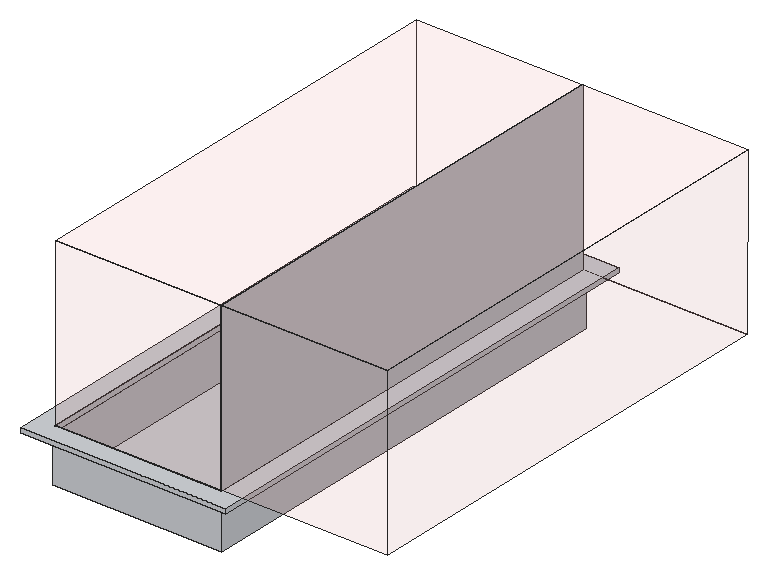
Revit family "Hager-VOLTA-Hollow_wall-IP30-With_Cover-With_DIN-Hosted-PL-en", category Electrical Equipment, host Face, Revit 2023
Family settings
  Host = Face
  Panel Configuration = Two Columns, Circuits Across
  Round Connector Dimension = Use Diameter
  Part Type = Panelboard
  Cut with Voids When Loaded = No
  Maintain Annotation Orientation = Yes
  Shared = No
  Room Calculation Point = No
Parameters (values of type "VOLTA-Hollow_wall_W348_H880_D98_0_Modular_Spacing-VH60NWP")
  Width Control [instance] = if([HG000006-Flush mounted], if([EF000846 - Built-in width] > min_whd, [EF000846 - Built-in width], min_whd), if([EF000008 - Width] > min_whd, ([EF000008 - Width]), min_whd))  # 314.5 mm
  Void Depth [instance] = if([HG000006-Flush mounted], Depth Control, 1 mm)  # 89 mm
  Uniformat code = "D501001"
  Uniformat = "Low Tension Service & Dist."
  HG000131 - Functional label [instance] = ""
  HG000130 - Functional name [instance] = ""
  HG000099-Onfly Template ID = "507532"
  Type Comments = ""
  System Height [instance] = Height Control - 2 * [HG000005-Thickness]  # 841 mm
  Reference description = ""
  Reference = "VOLTA-Hollow_wall_W348_H880_D98_0_Modular_Spacing-VH60NWP"
  Object type = ""
  Name hager = "ADD_Enclosures_EC000214"
  Name BIM&CO = "Electricity"
  Name = "VOLTA-Hollow_wall-IP30-With_Cover-With_DIN-PL"
  Model = ""
  HGEF002950-Width in number of modular spacings = 0
  HGEF000266-Number of rows = 0
  HG000060-RAL-number = "9010"
  HG000059-Operating voltage [instance] = 230 V
  HG000017-Distance between poles = 18 mm
  HG000016-Door 3D visibility = yes
  HG000015-Clearance visibility = yes
  HG000014-Door on the right = yes
  HG000013-Door on the left = not([HG000014-Door on the right])  # no
  HG000012-Door swing angle = 90.00°
  HG000011-Empty rows from bottom = no
  HG000010-Asymmetric doors = no
  HG000009-Double swing door = no
  HG000008-Number of empty rows = 0
  HG000007-Number of empty columns = 0
  HG000006-Flush mounted = yes
  HG000005-Thickness = 2 mm
  HG000004-Manufacturer reference = "VH60NWP"
  HG000003-Range = "VOLTA"
  HG000002-With door or cover = yes
  HG000001-Number of columns = 0
  GTIN (Global Trade Item Number) = ""
  ETIM class name = "Small distribution board"
  ETIM class code = "EC000214"
  EF015941 - Signal passing door = no
  EF015777 - Neutral terminal block = no
  EF015776 - Earthing terminal block = no
  EF009212 - Cover model = ""
  EF006306 - With lock = no
  EF006244 - Transparent cover/door = no
  EF005474 - Degree of protection (IP) = "IP30"
  EF004464 - Type of door = ""
  EF004462 - Type of closure = ""
  EF002950 - Width in number of modular spacings = 0
  EF001596 - Housing material = ""
  EF001134 - DIN-rail = yes
  EF001131 - Inner depth = 0 mm
  EF001088 - Extension possible = no
  EF001062 - EMC-version = no
  EF000846 - Built-in width = 314.5 mm
  EF000339 - Type of covering = ""
  EF000332 - Built-in height = 845 mm
  EF000266 - Number of rows = 0
  EF000218 - Built-in depth = 89 mm
  EF000118 - With mounting plate = no
  EF000116 - RAL-number = 9010
  EF000049 - Depth = 98 mm
  EF000040 - Height = 880 mm
  EF000024 - UV resistant = no
  EF000008 - Width = 348 mm
  EF000007 - Colour = ""
  EF000003 - Mounting method = "Hollow wall"
  Creation Date = "12/15/2025 21:47:12"
  Code hager = "ADD-EC000214_EU"
  BIM&CO code = ""
  BC_VARIANT_ID = "1174424"
  BC_OBJECT_VERSION = "#5"  # constant formula
  BC_OBJECT_ID = "513499"  # constant formula
  BC_MODEL_ID = "1547222"  # constant formula
  Arrow Offset [instance] = Depth Control / 8  # 11.125 mm
  Arrow Height [instance] = Depth Control - Arrow Offset  # 77.875 mm
  Host Offset [instance] = if([HG000006-Flush mounted], 0 mm, [EF000049 - Depth])  # 0 mm
  min_whd [instance] = (2 * [HG000005-Thickness]) + 1 mm  # 5 mm
  Manufacturer = "Hager"  # constant formula
  Height Control [instance] = if([HG000006-Flush mounted], if([EF000332 - Built-in height] > min_whd, [EF000332 - Built-in height], min_whd), if([EF000040 - Height] > min_whd, ([EF000040 - Height]), min_whd))  # 845 mm
  Flush Mounted - Door Frame Width [instance] = if(([EF000040 - Height] - [EF000332 - Built-in height]) > 0 mm, if([HG000006-Flush mounted], [EF000040 - Height] - [EF000332 - Built-in height], 0 mm), 0 mm)  # 35 mm
  Depth Control [instance] = if([HG000006-Flush mounted], if([EF000218 - Built-in depth] > 0 mm, [EF000218 - Built-in depth], 1 mm), if([EF000049 - Depth] > 0 mm, ([EF000049 - Depth]), 1 mm))  # 89 mm
  Default Elevation = 0 mm
Types (14, lengths in mm): name | Width Control | Void Depth | System Height | Reference | HGEF002950-Width in number of modular spacings | HGEF000266-Number of rows | HG000004-Manufacturer reference | HG000001-Number of columns | EF015777 - Neutral terminal block | EF015776 - Earthing terminal block | EF009212 - Cover model | EF004462 - Type of closure | EF002950 - Width in number of modular spacings | EF001088 - Extension possible | EF000846 - Built-in width | EF000332 - Built-in height | EF000266 - Number of rows | EF000218 - Built-in depth | EF000118 - With mounting plate | EF000049 - Depth | EF000040 - Height | EF000007 - Colour | BC_VARIANT_ID | Arrow Offset | Arrow Height | Height Control | Flush Mounted - Door Frame Width | Depth Control
  VOLTA-Hollow_wall_W348_H356_D98_12_Modular_Spacing-VH12AT | 314.5 | 89 | 317 | "VOLTA-Hollow_wall_W348_H356_D98_12_Modular_Spacing-VH12AT" | 12 | 1 | "VH12AT" | 1 | yes | yes | "With notch" | "Other" | 12 | yes | 314.5 | 321 | 1 | 89 | no | 98 | 356 | "White" | "1174410" | 11.125 | 77.875 | 321 | 35 | 89
  VOLTA-Hollow_wall_W348_H356_D98_12_Modular_Spacing-VH12NE | 314.5 | 89 | 317 | "VOLTA-Hollow_wall_W348_H356_D98_12_Modular_Spacing-VH12NE" | 12 | 1 | "VH12NE" | 1 | no | yes | "With notch" | "Other" | 12 | yes | 314.5 | 321 | 1 | 89 | no | 98 | 356 | "White" | "1174412" | 11.125 | 77.875 | 321 | 35 | 89
  VOLTA-Hollow_wall_W348_H505_D98_12_Modular_Spacing-VH24AT | 314.5 | 89 | 466 | "VOLTA-Hollow_wall_W348_H505_D98_12_Modular_Spacing-VH24AT" | 12 | 2 | "VH24AT" | 1 | yes | yes | "With notch" | "Other" | 12 | yes | 314.5 | 470 | 2 | 89 | no | 98 | 505 | "White" | "1174413" | 11.125 | 77.875 | 470 | 35 | 89
  VOLTA-Hollow_wall_W348_H505_D98_12_Modular_Spacing-VH24NE | 314.5 | 89 | 466 | "VOLTA-Hollow_wall_W348_H505_D98_12_Modular_Spacing-VH24NE" | 12 | 2 | "VH24NE" | 1 | no | yes | "With notch" | "Other" | 12 | yes | 314.5 | 470 | 2 | 89 | no | 98 | 505 | "White" | "1174414" | 11.125 | 77.875 | 470 | 35 | 89
  VOLTA-Hollow_wall_W348_H505_D98_12_Modular_Spacing-VH24NWB | 314.5 | 89 | 466 | "VOLTA-Hollow_wall_W348_H505_D98_12_Modular_Spacing-VH24NWB" | 12 | 0 | "VH24NWB" | 0 | no | no | "With notch" | "Other" | 12 | yes | 314.5 | 470 | 0 | 89 | yes | 98 | 505 | "White" | "1174415" | 11.125 | 77.875 | 470 | 35 | 89
  VOLTA-Hollow_wall_W348_H630_D98_12_Modular_Spacing-VH36AT | 314.5 | 89 | 591 | "VOLTA-Hollow_wall_W348_H630_D98_12_Modular_Spacing-VH36AT" | 12 | 3 | "VH36AT" | 1 | yes | yes | "With notch" | "Other" | 12 | yes | 314.5 | 595 | 3 | 89 | no | 98 | 630 | "White" | "1174416" | 11.125 | 77.875 | 595 | 35 | 89
  VOLTA-Hollow_wall_W348_H630_D98_12_Modular_Spacing-VH36NE | 314.5 | 89 | 591 | "VOLTA-Hollow_wall_W348_H630_D98_12_Modular_Spacing-VH36NE" | 12 | 3 | "VH36NE" | 1 | no | yes | "With notch" | "Other" | 12 | yes | 314.5 | 595 | 3 | 89 | no | 98 | 630 | "White" | "1174417" | 11.125 | 77.875 | 595 | 35 | 89
  VOLTA-Hollow_wall_W348_H630_D98_12_Modular_Spacing-VH36NWB | 314.5 | 89 | 591 | "VOLTA-Hollow_wall_W348_H630_D98_12_Modular_Spacing-VH36NWB" | 12 | 0 | "VH36NWB" | 0 | no | no | "With notch" | "Other" | 12 | yes | 314.5 | 595 | 0 | 89 | yes | 98 | 630 | "White" | "1174418" | 11.125 | 77.875 | 595 | 35 | 89
  VOLTA-Hollow_wall_W348_H755_D98_12_Modular_Spacing-VH48AT | 314.5 | 89 | 716 | "VOLTA-Hollow_wall_W348_H755_D98_12_Modular_Spacing-VH48AT" | 12 | 4 | "VH48AT" | 1 | yes | yes | "With notch" | "Other" | 12 | yes | 314.5 | 720 | 4 | 89 | no | 98 | 755 | "White" | "1174419" | 11.125 | 77.875 | 720 | 35 | 89
  VOLTA-Hollow_wall_W348_H755_D98_12_Modular_Spacing-VH48NE | 314.5 | 89 | 716 | "VOLTA-Hollow_wall_W348_H755_D98_12_Modular_Spacing-VH48NE" | 12 | 4 | "VH48NE" | 1 | no | yes | "With notch" | "Other" | 12 | yes | 314.5 | 720 | 4 | 89 | no | 98 | 755 | "White" | "1174420" | 11.125 | 77.875 | 720 | 35 | 89
  VOLTA-Hollow_wall_W348_H755_D98_12_Modular_Spacing-VH48NWB | 314.5 | 89 | 716 | "VOLTA-Hollow_wall_W348_H755_D98_12_Modular_Spacing-VH48NWB" | 12 | 0 | "VH48NWB" | 0 | no | no | "With notch" | "Other" | 12 | yes | 314.5 | 720 | 0 | 89 | yes | 98 | 755 | "White" | "1174421" | 11.125 | 77.875 | 720 | 35 | 89
  VOLTA-Hollow_wall_W348_H880_D98_12_Modular_Spacing-VH60NC | 314.5 | 89 | 842 | "VOLTA-Hollow_wall_W348_H880_D98_12_Modular_Spacing-VH60NC" | 12 | 5 | "VH60NC" | 1 | no | no | "" | "" | 12 | no | 314.5 | 846 | 5 | 89 | no | 98 | 880 | "" | "1174422" | 11.125 | 77.875 | 846 | 34 | 89
  VOLTA-Hollow_wall_W348_H880_D94_12_Modular_Spacing-VH60NE | 314 | 90 | 842 | "VOLTA-Hollow_wall_W348_H880_D94_12_Modular_Spacing-VH60NE" | 12 | 5 | "VH60NE" | 1 | no | yes | "With notch" | "Other" | 12 | yes | 314 | 846 | 5 | 90 | no | 94 | 880 | "White" | "1174423" | 11.25 | 78.75 | 846 | 34 | 90
  VOLTA-Hollow_wall_W348_H880_D98_0_Modular_Spacing-VH60NWP | 314.5 | 89 | 841 | "VOLTA-Hollow_wall_W348_H880_D98_0_Modular_Spacing-VH60NWP" | 0 | 0 | "VH60NWP" | 0 | no | no | "" | "" | 0 | no | 314.5 | 845 | 0 | 89 | no | 98 | 880 | "" | "1174424" | 11.125 | 77.875 | 845 | 35 | 89
Reference planes
  plane 1 "Center (Front/Back)": y = 0
  plane 2: z = 0
  plane 3 "Center (Left/Right)": x = 0
  plane 4: z = 0
  plane 5: y = 37
  plane 6: z = -5
  plane 7: y = 457.5
  plane 8: y = 35
  plane 9: y = 880
  plane 10: z = -89
  plane 11: x = -157.25
  plane 12: x = 157.25
  plane 13: x = 155.25
  plane 14: x = -155.25
  plane 15: y = 878
  plane 16: z = -87
  plane 17: z = -2
  plane 18: z = -89
  plane 19: z = -2
  plane 20 "Annotation H": y = -100
  plane 21 "Annotation V": x = 457.25
Forms (mm)
  Extrusion 1, solid
    sketch origin (-583.045, 35, 1219.2) x (-1, 0, 0) y (0, 0, 1)
      loop
        line (-425.795, -1219.2) -> (-740.295, -1219.2) -> (-740.295, -1308.2) -> (-425.795, -1308.2) -> (-425.795, -1219.2)
    from 0 to 845 <- "Height Control"
  Extrusion 2, void
    sketch origin (-381.607, -4572, 0) x (0, -1, 0) y (-1, 0, 0)
      loop
        line (-5450, -226.357) -> (-5450, -536.857) -> (-4609, -536.857) -> (-4609, -226.357) -> (-5450, -226.357)
    from 0 to 87
  Extrusion 3, void
    sketch origin (0, 0, 0) x (1, 0, 0) y (0, 1, 0)
      loop
        line (-157.25, 35) -> (157.25, 35) -> (157.25, 880) -> (-157.25, 880) -> (-157.25, 35)
    from -89 to 1
  Extrusion 4, solid, detail levels coarse+medium
    sketch origin (-381.607, -4572, 0) x (-1, 0, 0) y (0, -1, 0)
      loop
        line (-226.357, -5450) -> (-226.357, -4609) -> (-536.857, -4609) -> (-536.857, -5450) -> (-226.357, -5450)
    from 0 to -2
Cuts and joins
  Extrusion 2 cuts Extrusion 1
Dimensions and locks
  plane 4 to plane 6 = 5 mm
  "Host Offset": plane 4 to host face
  "Flush Mounted - Door Frame Width": plane 1 "Center (Front/Back)" to plane 8
  "HG000005-Thickness": plane 5 to plane 8
  locked: connector elem to plane 3 "Center (Left/Right)"
  "Height Control": plane 9 to plane 8
  equal spacing: plane 9, plane 7, plane 8
  locked: connector elem to plane 7
  "Depth Control": plane 4 to plane 10
  "HG000005-Thickness": plane 11 to plane 14
  "HG000005-Thickness": plane 12 to plane 13
  equal spacing: plane 11, plane 3 "Center (Left/Right)", plane 12
  "Width Control": plane 11 to plane 12
  "Arrow Offset": nested 4 to plane 10
  "HG000005-Thickness": plane 9 to plane 15
  "HG000005-Thickness": plane 16 to plane 10
  "HG000005-Thickness": plane 4 to plane 17
  "Void Depth": plane 2 to plane 18
  "HG000005-Thickness": plane 4 to plane 19
  locked: plane 20 "Annotation H" to plane 1 "Center (Front/Back)" at 100
  locked: plane 12 to plane 21 "Annotation V" at 300
  aligned and locked: plane 2 to host face
  aligned and locked: level to host face
  aligned and locked: plane 3 "Center (Left/Right)" to nested 2
  aligned and locked: plane 4 to nested 2
  aligned and locked: nested 2 to plane 8
  aligned and locked: nested 1 to plane 6
  aligned and locked: plane 5 to nested 1
  aligned and locked: nested 4 to plane 11
  aligned and locked: nested 3 to plane 4
  aligned and locked: Extrusion 1 sketch curve to plane 12
  aligned and locked: Extrusion 1 sketch curve to plane 11
  aligned and locked: nested 3 to plane 10
  aligned and locked: plane 10 to Extrusion 1 sketch curve
  aligned and locked: plane 5 to Extrusion 2 sketch curve
  aligned and locked: Extrusion 2 sketch curve to plane 15
  aligned and locked: Extrusion 2 sketch curve to plane 14
  aligned and locked: Extrusion 2 sketch curve to plane 13
  aligned and locked: plane 11 to Extrusion 3 sketch curve
  aligned and locked: plane 9 to Extrusion 3 sketch curve
  aligned and locked: Extrusion 3 sketch curve to plane 8
  aligned and locked: plane 12 to Extrusion 3 sketch curve
  aligned and locked: nested 3 to plane 12
  aligned and locked: Extrusion 3 to plane 18
  aligned and locked: Extrusion 2 to plane 16
  aligned and locked: Extrusion 1 sketch curve to plane 4
  aligned and locked: Extrusion 4 to plane 17
  aligned and locked: Extrusion 4 sketch curve to plane 15
  aligned and locked: Extrusion 4 sketch curve to plane 13
  aligned and locked: Extrusion 4 sketch curve to plane 14
  aligned and locked: plane 5 to Extrusion 4 sketch curve
  aligned and locked: nested 5 to plane 21 "Annotation V"
  aligned and locked: plane 20 "Annotation H" to nested 5
Automatic sketch dimensions
  host sketch curve to host sketch curve = 1469.727 mm
  host sketch curve to host sketch curve = 1434.803 mm
Nested families
  nested 1: "Hager_Enclosure_System" at (0, 37, -5) x (1, 0, 0) z (0, 1, 0), Depth <- "HG000005-Thickness", Height <- "System Height", Border <- "HG000005-Thickness", Flush_Mounted <- "HG000006-Flush mounted", Row_Module_Multiplicator <- "HGEF002950-Width in number of modular spacings", Total_No_Empty_Rows <- "HG000008-Number of empty rows", Total_No_Rows <- "HGEF000266-Number of rows", Empty_Columns <- "HG000007-Number of empty columns", Width_Control <- "Width Control", Empty_Rows_From_Bottom <- "HG000011-Empty rows from bottom", Distance_Between_Poles <- "HG000017-Distance between poles", Rows_Count <- "HGEF000266-Number of rows", Columns_Count <- "HG000001-Number of columns", Built-in_Width <- "EF000846 - Built-in width", Width <- "EF000008 - Width", type "Hager_Enclosure_System", detail levels fine
    with Width_Control 314.5 mm, Width 348 mm, Total_No_Rows 0, Total_No_Empty_Rows 0, Total_No_Columns 1, System_Width 310.5 mm, Rows_Count 0, Rows_Column 0, Row_Module_Multiplicator 0, Panel_4 no, Panel_3 no, Panel_2 no, Panel_1 no, No_Panels_Ctrl 1, Hide_Columns yes, Height 841 mm, Flush_Mounted yes, Empty_Rows_From_Bottom no, Empty_Rows_Column 0, Empty_Columns 0, Empty column 4 0, Empty column 3 0, Empty column 2 0, Empty column 1 0, Distance_Between_Poles 18 mm, Depth 2 mm, Columns_Count 0, Column_Width 310.5 mm, Built-in_Width 314.5 mm, Border 2 mm
  nested 2: "Hager_Enclosure_Door" at (0, 35, 0) x (1, 0, 0) z (0, 1, 0), Border <- "HG000005-Thickness", Door_Right <- "HG000014-Door on the right", Flush_Mounted <- "HG000006-Flush mounted", Door_Left <- "HG000013-Door on the left", 3d_Door <- "HG000016-Door 3D visibility", Angle <- "HG000012-Door swing angle", Assymetrical <- "HG000010-Asymmetric doors", Double <- "HG000009-Double swing door", Clearance <- "HG000015-Clearance visibility", Door <- "HG000002-With door or cover", Height_Ctrl <- "Height Control", Width_Ctrl <- "Width Control", BuiltIn_Depth <- "EF000218 - Built-in depth", Depth <- "EF000049 - Depth", BuiltIn_Width <- "EF000846 - Built-in width", Height <- "EF000040 - Height", BuiltIn_Height <- "EF000332 - Built-in height", Width <- "EF000008 - Width", Transparent <- "EF006244 - Transparent cover/door", type "Hager_Enclosure_Door", detail levels medium+fine
    with min_wh 5 mm, Width_Ctrl 314.5 mm, Width 348 mm, Transparent_Door_No_Bottom_Border no, Transparent no, Leaf_Width 307.5 mm, Leaf_Tolerance 1.5 mm, Leaf_Height 838 mm, Leaf_2_Width 307.5 mm, Leaf_2_Offset 153.75 mm, Leaf_1_Width 307.5 mm, Leaf_1_Offset 153.75 mm, Height_Ctrl 845 mm, Height 880 mm, Frame_Width_Ctrl 33.5 mm, Frame_Width 33.5 mm, Frame_Internal_Offset 2 mm, Frame_Height_Ctrl 35 mm, Frame_Height 35 mm, Frame_Depth_Ctrl 9 mm, Frame_Depth 9 mm, Flush_Mounted yes, Double_Clearance_Ctrl no, Double no, Door_Right_Ctrl yes, Door_Right yes, Door_Left_Ctrl no, Door_Left no, Door yes, Depth 98 mm, Clearance_Depth 307.5 mm, Clearance_Ctrl yes, Clearance yes, BuiltIn_Width 314.5 mm, BuiltIn_Height 845 mm, BuiltIn_Depth 89 mm, Border 2 mm, Assymetrical no, Angle 90.00°, 3d_Door yes
  nested 3: "Hager_Enclosure_Symbol_Triangle" at (-157.25, 0, -89) x (1, 0, 0) z (0, -1, 0), Depth <- "Depth Control", Width <- "Width Control", type "Hager_Enclosure_Symbol_Triangle"
    with Width_Ctrl 314.5 mm, Width 314.5 mm, Depth_Ctrl 89 mm, Depth 89 mm
  nested 4: "Hager_Enclosure_Symbol_Arrow" at (-157.25, 0, -77.875) x (1, 0, 0) z (0, -1, 0), Height <- "Arrow Height", type "Hager_Enclosure_Symbol_Arrow"
    with Width_Inside 5.841 mm, Width 70.087 mm, Height_Ctrl 77.875 mm, Height 77.875 mm
  nested 5: "Hager_Annotation-HG000130" at (457.25, -100, 0) x (-1, 0, 0) z (0, 0, 1), HG000130 - Functional name <- "HG000130 - Functional name", type "Hager_Annotation-HG000130"
    with HG000130 - Functional name ""
Connectors
  electrical at (0, 457.5, -89)
    settings: on plane 10, index 1, voltage 0 V, apparent load 0 VA, apparent load phase1 0 VA, apparent load phase2 0 VA, apparent load phase3 0 VA, power factor 1, load classification "Other", number of poles 1, system type 30, power factor state 1, is connector primary yes, connector utility no, sub classification motor no, connector description ""
Definition of nested family "Hager_Enclosure_Door"
  Parameters (values of type "Hager_Enclosure_Door")
    min_wh [instance] = (2 * Border) + 1 mm  # 11 mm
    Width_Ctrl [instance] = 400 mm
    Width [instance] = 500 mm
    Transparent_Door_No_Bottom_Border [instance] = no
    Transparent [instance] = yes
    Leaf_Width [instance] = if((Width_Ctrl - 2 * Border - 2 * Leaf_Tolerance) > 0 mm, (Width_Ctrl - 2 * Border - 2 * Leaf_Tolerance), min_wh)  # 387 mm
    Leaf_Tolerance [instance] = 1.5 mm  # constant formula
    Leaf_Height [instance] = if((Height_Ctrl - 2 * Border - 2 * Leaf_Tolerance) > 0 mm, (Height_Ctrl - 2 * Border - 2 * Leaf_Tolerance), min_wh)  # 387 mm
    Leaf_2_Width [instance] = if(and(and(Double, Assymetrical), Door_Left), (Leaf_Width / 3) - (Leaf_Tolerance / 2), if(and(and(Double, Assymetrical), Door_Right), (Leaf_Width / 3) * 2 - (Leaf_Tolerance / 2), if(and(Double, not(Assymetrical)), (Leaf_Width / 2) - Leaf_Tolerance, Leaf_Width)))  # 387 mm
    Leaf_2_Offset [instance] = if(and(Double, Assymetrical), Leaf_2_Width / 2, if(and(Double, not(Assymetrical)), Leaf_Width / 4, Leaf_Width / 2))  # 193.5 mm
    Leaf_1_Width [instance] = if(and(and(Double, Assymetrical), Door_Right), (Leaf_Width / 3) - (Leaf_Tolerance / 2), if(and(and(Double, Assymetrical), Door_Left), (Width / 3) * 2 - (Leaf_Tolerance / 2), if(and(Double, not(Assymetrical)), (Leaf_Width / 2) - Leaf_Tolerance, Leaf_Width)))  # 387 mm
    Leaf_1_Offset [instance] = if(and(Double, Assymetrical), Leaf_1_Width / 2, if(and(Double, not(Assymetrical)), Leaf_Width / 4, Leaf_Width / 2))  # 193.5 mm
    Height_Ctrl [instance] = 400 mm
    Height [instance] = 500 mm
    Frame_Width_Ctrl [instance] = if(Frame_Width > 0 mm, Frame_Width, 1 mm)  # 1 mm
    Frame_Width [instance] = Width - BuiltIn_Width  # 0 mm
    Frame_Internal_Offset [instance] = if(Flush_Mounted, Border, 0 mm)  # 5 mm
    Frame_Height_Ctrl [instance] = if(Frame_Height > 0 mm, Frame_Height, 1 mm)  # 1 mm
    Frame_Height [instance] = Height - BuiltIn_Height  # 0 mm
    Frame_Depth_Ctrl [instance] = if(Frame_Depth > 0 mm, Frame_Depth, 1 mm)  # 1 mm
    Frame_Depth [instance] = if(Depth - BuiltIn_Depth > 0 mm, if(Flush_Mounted, Depth - BuiltIn_Depth, 0 mm), 0 mm)  # 0 mm
    Flush_Mounted [instance] = yes
    Double_Clearance_Ctrl [instance] = and(Double, Clearance)  # no
    Double [instance] = no
    Door_Right_Ctrl [instance] = and(or(Door_Right, Double), Door)  # yes
    Door_Right [instance] = yes
    Door_Left_Ctrl [instance] = and(or(Door_Left, Double), Door)  # no
    Door_Left [instance] = no
    Door [instance] = yes
    Depth [instance] = 500 mm
    Default Elevation = 1219.2 mm
    Clearance_Material = none
    Clearance_Depth [instance] = if(Leaf_1_Width > Leaf_2_Width, Leaf_1_Width, Leaf_2_Width)  # 387 mm
    Clearance_Ctrl [instance] = and(not(Double), Clearance)  # yes
    Clearance [instance] = yes
    BuiltIn_Width [instance] = 500 mm
    BuiltIn_Height [instance] = 500 mm
    BuiltIn_Depth [instance] = 500 mm
    Border [instance] = 5 mm
    Assymetrical [instance] = yes
    Angle [instance] = 30.00°
    3d_Door [instance] = yes
  Reference planes
    plane 1 "Center (Front/Back)": y = 0
    plane 2 "Bottom": z = 0
    plane 3 "Center (Left/Right)": x = 0
    plane 4: z = 400
    plane 5: x = -200
    plane 6: x = 200
    plane 7: z = 395
    plane 8: x = -195
    plane 9: z = 5
    plane 10: x = 195
    plane 11: y = 0
    plane 12: z = 6.5
    plane 13: x = -582
    plane 14: y = -387
    plane 15: x = 582
    plane 16: x = 0
    plane 17: x = 0
    plane 18: x = -193.5
    plane 19: x = 193.5
    plane 20: z = 393.5
  Forms (mm)
    Extrusion 1, solid, visible <- "Flush_Mounted"
      sketch origin (0, 0, 0) x (1, 0, 0) y (0, 0, 1)
        loop
          line (195, 5) -> (195, 395) -> (-195, 395) -> (-195, 5) -> (195, 5)
        loop
          line (-201, 401) -> (-201, -1) -> (201, -1) -> (201, 401) -> (-201, 401)
      from 0 to 1 <- "Frame_Depth_Ctrl"
    Extrusion 2, solid, material <- "Clearance_Material", visible <- "Double_Clearance_Ctrl"
      sketch origin (1200, 0, 0) x (1, 0, 0) y (0, 0, -1)
        loop
          line (-1782, -393.5) -> (-618, -393.5) -> (-618, 0) -> (-1782, 0) -> (-1782, -393.5)
      from 0 to -387
  Dimensions and locks
    equal spacing: plane 5, plane 3 "Center (Left/Right)", plane 6
    "Width_Ctrl": plane 5 to plane 6
    "Border": plane 5 to plane 8
    "Border": plane 6 to plane 10
    "Border": plane 9 to level
    "Border": plane 4 to plane 7
    "Height_Ctrl": plane 4 to level
    "Leaf_Tolerance": plane 12 to plane 9
    "Frame_Depth": plane 11 to plane 1 "Center (Front/Back)"
    "Frame_Width_Ctrl": plane 5 to Extrusion 1 sketch curve
    "Frame_Width_Ctrl": plane 6 to Extrusion 1 sketch curve
    "Frame_Width_Ctrl": Extrusion 1 sketch curve to plane 4
    "Frame_Width_Ctrl": plane 2 "Bottom" to Extrusion 1 sketch curve
    "Leaf_1_Offset": plane 18 to plane 16
    "Leaf_2_Offset": plane 17 to plane 19
    "Leaf_1_Width": plane 13 to plane 8
    "Leaf_2_Width": plane 10 to plane 15
    "Clearance_Depth": plane 14 to plane 1 "Center (Front/Back)"
    "Leaf_Tolerance": plane 8 to plane 18
    "Leaf_Tolerance": plane 19 to plane 10
    "Leaf_Tolerance": plane 7 to plane 20
    "Frame_Internal_Offset": plane 5 to Extrusion 1 sketch curve
    "Frame_Internal_Offset": Extrusion 1 sketch curve to plane 2 "Bottom"
    "Frame_Internal_Offset": plane 6 to Extrusion 1 sketch curve
    "Frame_Internal_Offset": plane 4 to Extrusion 1 sketch curve
    aligned and locked: level to plane 2 "Bottom"
    aligned and locked: nested 1 to plane 16
    aligned and locked: nested 2 to plane 17
    aligned and locked: Extrusion 2 to plane 13
    aligned and locked: plane 15 to Extrusion 2
    aligned and locked: Extrusion 2 to plane 14
    aligned and locked: plane 12 to nested 1
    aligned and locked: nested 2 to plane 12
    aligned and locked: Extrusion 2 to plane 11
    aligned and locked: plane 20 to Extrusion 2
    aligned and locked: nested 2 to plane 11
    aligned and locked: nested 1 to plane 11
  Automatic sketch dimensions
    Extrusion 2 sketch curve to level = 0 mm
    plane 5 to Extrusion 2 sketch curve = 382 mm
    plane 6 to Extrusion 2 sketch curve = 382 mm
    Extrusion 2 sketch curve to plane 4 = 6.5 mm
  Nested families
    nested 1: "Hager_Enclosure_Door_Leaf" at (0, 0, 6.5), Width <- "Leaf_1_Width", visible <- "Door_Left_Ctrl", Leaf_Height <- "Leaf_Height", Angle <- "Angle", Depth <- "Border", 3d_Door <- "3d_Door", Transparent <- "Transparent", Clearance Material <- "Clearance_Material", Clearance <- "Clearance_Ctrl", Transparent_Door_No_Bottom_Border <- "Transparent_Door_No_Bottom_Border", type "Hager_Enclosure_Door_Leaf"
      with Width 387 mm, Transparent_Door_No_Bottom_Border no, Transparent_Door_Border_Bottom_Top 25 mm, Transparent_Door_Border 25 mm, Transparent_Ctrl yes, Transparent yes, Standard no, Leaf_Height 387 mm, Glass_Offset 1 mm, Depth 5 mm, Clearance Material none, Clearance yes, Angle_Ctrl 30.00°, Angle 30.00°, 3d_Door yes
    nested 2: "Hager_Enclosure_Door_Leaf" at (0, 0, 6.5) x (-1, 0, 0) z (0, 0, 1), Width <- "Leaf_2_Width", visible <- "Door_Right_Ctrl", Leaf_Height <- "Leaf_Height", Angle <- "Angle", Depth <- "Border", 3d_Door <- "3d_Door", Transparent <- "Transparent", Clearance Material <- "Clearance_Material", Clearance <- "Clearance_Ctrl", Transparent_Door_No_Bottom_Border <- "Transparent_Door_No_Bottom_Border", type "Hager_Enclosure_Door_Leaf"
      with Width 387 mm, Transparent_Door_No_Bottom_Border no, Transparent_Door_Border_Bottom_Top 25 mm, Transparent_Door_Border 25 mm, Transparent_Ctrl yes, Transparent yes, Standard no, Leaf_Height 387 mm, Glass_Offset 1 mm, Depth 5 mm, Clearance Material none, Clearance yes, Angle_Ctrl 30.00°, Angle 30.00°, 3d_Door yes
  Definition of nested family "Hager_Enclosure_Door_Leaf"
    Parameters (values of type "Hager_Enclosure_Door_Leaf")
      Width [instance] = 2000 mm
      Transparent_Door_No_Bottom_Border [instance] = yes
      Transparent_Door_Border_Bottom_Top [instance] = if(Transparent_Door_No_Bottom_Border, 0.1 mm, Transparent_Door_Border)  # 0.1 mm
      Transparent_Door_Border [instance] = if(Transparent_Door_No_Bottom_Border, (Width * 0.12), 25 mm)  # 240 mm
      Transparent_Ctrl [instance] = and(Transparent, [3d_Door])  # yes
      Transparent [instance] = yes
      Standard [instance] = and(not(Transparent), [3d_Door])  # no
      Leaf_Height [instance] = 2720.336 mm
      Glass_Offset [instance] = if((Depth - 10 mm) / 2 > 0 mm, (Depth - 10 mm) / 2, 1 mm)  # 15 mm
      Glass_Material = none
      Depth [instance] = 40 mm
      Default Elevation = 0 mm
      Clearance Material [instance] = none
      Clearance [instance] = yes
      Angle_Ctrl [instance] = if(Angle > 170.00°, 170.00°, Angle)  # 45.00°
      Angle [instance] = 45.00°
      3d_Door [instance] = yes
    Reference planes
      plane 1 "Center (Front/Back)": y = 0
      plane 2: z = 0
      plane 3 "Center (Left/Right)": x = 0
      plane 4: y = 2000
      plane 5: x = -1000
      plane 6: x = 1000
      plane 7: x = -3000
      plane 8: z = 2720.336
      plane 9: z = 0.1
      plane 10: z = 2720.236
      plane 11: x = 760
      plane 12: x = -760
    Forms (mm)
      Extrusion 1, solid, material <- "Clearance Material", visible <- "Clearance"
        sketch origin (0, 0, 0) x (1, 0, 0) y (0, 0, 1)
          loop
            line (-3000, 2720.336) -> (-3000, 0) -> (1000, 0) -> (1000, 2720.336) -> (-3000, 2720.336)
        from 0 to -2000
      Extrusion 2, solid, visible <- "Standard", detail levels medium+fine
        sketch origin (-1000, 0, 0) x (0.707107, 0.707107, 0) y (-0.707107, 0.707107, 0)
          loop
            line (0, -40) -> (2000, -40) -> (2000, 0) -> (0, 0) -> (0, -40)
        from 0 to 2720.336 <- "Leaf_Height"
      Extrusion 3, solid, visible <- "Transparent_Ctrl", detail levels medium+fine
        sketch origin (-1000, 0, 0) x (0.707107, 0.707107, 0) y (-0.707107, 0.707107, 0)
          loop
            line (0, -40) -> (2000, -40) -> (2000, 0) -> (0, 0) -> (0, -40)
        from 0 to 2720.336 <- "Leaf_Height"
      Extrusion 4, void, detail levels medium+fine
        sketch origin (-1000, 0, 0) x (-0.707107, 0.707107, 0) y (0.707107, 0.707107, 0)
          loop
            line (0, 240) -> (0, 1760) -> (-40, 1760) -> (-40, 240) -> (0, 240)
        from -2720.236 to -0.1
      Extrusion 5, solid, material <- "Glass_Material", visible <- "Transparent_Ctrl", detail levels medium+fine
        sketch origin (-1000, 0, 0) x (0.707107, 0.707107, 0) y (-0.707107, 0.707107, 0)
          loop
            line (240, -15) -> (240, -25) -> (1760, -25) -> (1760, -15) -> (240, -15)
        from 0.1 to 2720.236
    Cuts and joins
      Extrusion 4 cuts Extrusion 3
    Lines and regions (mm)
      symbolic lines
        curve 1: line (1000, 0, 0) -> (-3000, 0, 0)
        curve 2: arc (1000, 0, 0) -> (-1000, 2000, 0) -> (-3000, 0, 0) r 2000
        curve 4: line (-1000, 0, 0) -> (414.214, 1414.214, 0)
      reference lines
        curve 3: line (-1000, 0, 0) -> (414.214, 1414.214, 0)
      symbolic lines, detail levels medium+fine
        curve 5: line (414.214, 1414.214, 0) -> (442.498, 1385.929, 0)
        curve 6: line (442.498, 1385.929, 0) -> (-971.716, -28.284, 0)
        curve 7: line (-971.716, -28.284, 0) -> (-1000, 0, 0)
        curve 8: line (-1000, 0, 2720.336) -> (1000, 0, 2720.336)
        curve 9: line (-1000, 0, 0) -> (-1000, 0, 2720.336)
        curve 10: line (1000, 0, 0) -> (-1000, 0, 0)
        curve 11: line (1000, 0, 2720.336) -> (1000, 0, 0)
      symbolic lines, visible <- "Transparent_Ctrl", detail levels medium+fine
        curve 12: line (-760, 0, 2720.236) -> (760, 0, 2720.236)
        curve 13: line (-760, 0, 0.1) -> (-760, 0, 2720.236)
        curve 14: line (760, 0, 0.1) -> (-760, 0, 0.1)
        curve 15: line (760, 0, 2720.236) -> (760, 0, 0.1)
    Dimensions and locks
      "Width": plane 1 "Center (Front/Back)" to plane 4
      equal spacing: plane 5, plane 3 "Center (Left/Right)", plane 6
      "Width": plane 5 to plane 6
      "Width": plane 7 to plane 5
      "Leaf_Height": plane 8 to level
      "Depth": curve 6 to curve 3
      "Width": curve 5 to curve 3
      "Width": curve 3 to curve 3
      "Transparent_Door_Border": Extrusion 4 sketch curve to curve 7
      "Transparent_Door_Border": Extrusion 4 sketch curve to curve 5
      "Transparent_Door_Border_Bottom_Top": plane 8 to plane 10
      "Transparent_Door_Border_Bottom_Top": plane 9 to level
      "Glass_Offset": Extrusion 5 sketch curve to curve 4
      "Glass_Offset": Extrusion 5 sketch curve to curve 6
      "Transparent_Door_Border": Extrusion 5 sketch curve to curve 5
      "Transparent_Door_Border": Extrusion 5 sketch curve to curve 7
      "Transparent_Door_Border": plane 12 to plane 5
      "Transparent_Door_Border": plane 6 to plane 11
      "Angle_Ctrl": angle plane 1 "Center (Front/Back)" to curve 3
      aligned and locked: level to plane 2
      aligned and locked: Extrusion 1 to curve 1
      aligned and locked: plane 6 to Extrusion 1
      aligned and locked: Extrusion 1 to plane 1 "Center (Front/Back)"
      aligned and locked: plane 4 to Extrusion 1
      aligned and locked: plane 8 to Extrusion 1
      aligned and locked: curve 4 to curve 3
      aligned and locked: Extrusion 2 sketch curve to curve 7
      aligned and locked: Extrusion 2 sketch curve to curve 6
      aligned and locked: Extrusion 2 sketch curve to curve 5
      aligned and locked: Extrusion 2 sketch curve to curve 3
      aligned and locked: curve 7 to Extrusion 3 sketch curve
      aligned and locked: Extrusion 3 sketch curve to curve 4
      aligned and locked: Extrusion 3 sketch curve to curve 6
      aligned and locked: Extrusion 3 sketch curve to curve 5
      aligned and locked: curve 4 to Extrusion 4 sketch curve
      aligned and locked: curve 6 to Extrusion 4 sketch curve
      aligned and locked: Extrusion 4 to plane 9
      aligned and locked: Extrusion 4 to plane 10
      aligned and locked: Extrusion 5 to plane 9
      aligned and locked: Extrusion 5 to plane 10
      aligned and locked: curve 8 to plane 8
      aligned and locked: plane 5 to curve 9
      aligned and locked: plane 2 to curve 10
      aligned and locked: curve 11 to plane 6
      aligned and locked: plane 10 to curve 12
      aligned and locked: plane 12 to curve 13
      aligned and locked: curve 14 to plane 9
      aligned and locked: plane 11 to curve 15
    Automatic sketch dimensions
      plane 1 "Center (Front/Back)" to curve 2 = 0 mm
      curve 2 to plane 5 = 0 mm
      Extrusion 1 sketch curve to level = 0 mm
      Extrusion 1 sketch curve to plane 7 = 0 mm
      Extrusion 1 sketch curve to plane 6 = 0 mm
      Extrusion 1 sketch curve to plane 8 = 0 mm
      plane 1 "Center (Front/Back)" to curve 3 = 0 mm
      curve 3 to plane 5 = 0 mm
      curve 7 to curve 3 = 0 mm
Definition of nested family "Hager_Enclosure_Symbol_Triangle"
  Parameters (values of type "Hager_Enclosure_Symbol_Triangle")
    Width_Ctrl [instance] = if(Width > 1 mm, Width, 1 mm)  # 498 mm
    Width [instance] = 498 mm
    Depth_Ctrl [instance] = if(Depth > 1 mm, Depth, 1 mm)  # 72 mm
    Depth [instance] = 72 mm
  Reference planes
    plane 1 "Centre (avant/arrière)": y = 0
    plane 2: z = 0
    plane 3 "Centre (gauche/droite)": x = 0
  Lines and regions (mm)
    Filled region 1, type "Solid_Black", in view "Niveau de réf."
      outline origin (0, 0, 0) x (1, 0, 0) y (0, 1, 0)
        loop
          line (0, 0) -> (498, 0) -> (498, 72) -> (0, 0)
    reference lines, in view "Niveau de réf."
      curve 1: line (-206.153, 72, 0) -> (1083.258, 72, 0)
      curve 2: line (498, 405.456, 0) -> (498, -517.619, 0)
  Dimensions and locks
    "Depth_Ctrl": plane 1 "Centre (avant/arrière)" to curve 1
    "Width_Ctrl": plane 3 "Centre (gauche/droite)" to curve 2
    aligned and locked: curve 1 to Filled region 1 sketch curve
    aligned and locked: Filled region 1 sketch curve to plane 1 "Centre (avant/arrière)"
    aligned and locked: curve 2 to Filled region 1 sketch curve
    aligned and locked: plane 3 "Centre (gauche/droite)" to Filled region 1 sketch curve
    aligned and locked: plane 1 "Centre (avant/arrière)" to Filled region 1 sketch curve
  Automatic sketch dimensions
    curve 1 to plane 3 "Centre (gauche/droite)" = 206.153 mm
    curve 2 to curve 1 = 585.258 mm
    plane 1 "Centre (avant/arrière)" to curve 2 = 517.619 mm
    curve 2 to plane 1 "Centre (avant/arrière)" = 405.456 mm
Definition of nested family "Hager_Enclosure_Symbol_Arrow"
  Parameters (values of type "Hager_Enclosure_Symbol_Arrow")
    Width_Inside [instance] = if(Width / 12 > 2 mm, Width / 12, 2 mm)  # 4.987 mm
    Width [instance] = if(Height_Ctrl * 0.9 > 2 mm, Height_Ctrl * 0.9, 2 mm)  # 59.85 mm
    Height_Ctrl [instance] = if(Height > 2 mm, Height, 2 mm)  # 66.5 mm
    Height [instance] = 66.5 mm
  Reference planes
    plane 1 "Centre (avant/arrière)": y = 0
    plane 2: z = 0
    plane 3 "Centre (gauche/droite)": x = 0
    plane 4: x = 59.85
    plane 5: y = 28.263
    plane 6: y = 38.238
    plane 7: y = 66.5
    plane 8: x = 29.925
    plane 9: y = 33.25
  Lines and regions (mm)
    Filled region 1, type "Solid_Black", in view "Niveau de réf."
      outline origin (0, 0, 0) x (1, 0, 0) y (0, 1, 0)
        loop
          line (59.85, 66.5) -> (37.929, 52.827) -> (51.846, 41.935) -> (59.85, 66.5)
    detail lines, in view "Niveau de réf."
      curve 1: line (0, 0, 0) -> (29.925, 38.238, 0)
      curve 2: line (29.925, 38.238, 0) -> (29.925, 28.263, 0)
      curve 3: line (29.925, 28.263, 0) -> (59.85, 66.5, 0)
  Dimensions and locks
    "Width": plane 3 "Centre (gauche/droite)" to plane 4
    "Height_Ctrl": plane 7 to plane 1 "Centre (avant/arrière)"
    equal spacing: plane 3 "Centre (gauche/droite)", plane 8, plane 4
    equal spacing: plane 7, plane 9, plane 1 "Centre (avant/arrière)"
    equal spacing: plane 6, plane 9, plane 5
    "Width_Inside": plane 6 to plane 9
    equal spacing: curve 3, Filled region 1 sketch curve, Filled region 1 sketch curve
    angle Filled region 1 sketch curve to curve 3 = 20.00°
    angle curve 3 to Filled region 1 sketch curve = 20.00°
    locked: curve 3 to Filled region 1 sketch curve (angle 90.00°)
  Automatic sketch dimensions
    plane 1 "Centre (avant/arrière)" to curve 1 = 0 mm
    curve 1 to plane 3 "Centre (gauche/droite)" = 0 mm
    curve 2 to plane 6 = 0 mm
    curve 3 to plane 8 = 0 mm
    curve 3 to plane 4 = 0 mm
    curve 2 to plane 5 = 0 mm
    curve 3 to plane 7 = 0 mm
    Filled region 1 sketch curve to plane 4 = 0 mm
    Filled region 1 sketch curve to plane 7 = 0 mm
Definition of nested family "Hager_Annotation-HG000130"
  Parameters (values of type "Hager_Annotation-HG000130")
    HG000130 - Functional name [instance] = ""
  Reference planes
    plane 1: y = 0
    plane 2: x = 0
  Lines and regions (mm)
    detail lines
      curve 1: line (-27.5, 10, 0) -> (27.5, 10, 0)
      curve 2: line (-27.5, -10, 0) -> (-27.5, 10, 0)
      curve 3: line (27.5, -10, 0) -> (-27.5, -10, 0)
      curve 4: line (27.5, 10, 0) -> (27.5, -10, 0)
  Text (mm)
    label "HG000130 - Functional name" at (0.16, 0.026, 0), shows "HG000130 - Functional name"
